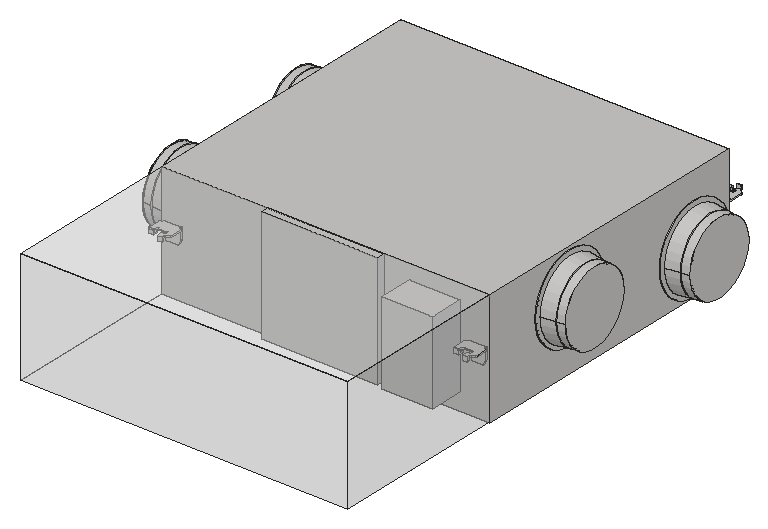
Revit family "outputfile", category 機械設備, Revit 2024
Family settings
  丸型コネクタ寸法 = 半径を使用
  パーツ タイプ = 標準
  OmniClass 番号 = 23.75.10.34.21
  OmniClass タイトル = Heat Exchangers for Ventilation Air
  作業面ベース = いいえ
  常に垂直 = はい
  ロード時にボイドで切り取り = いいえ
  注釈の向きを維持 = いいえ
  共有 = いいえ
  部屋計算ポイント = はい
Parameters (values of type "VAM800HVE")
  Description = ""
  製造元 = "Daikin"
  書き出し IFC クラス(タイプ) = "IfcAirToAirHeatRecoveryType"
  定義済み IFC タイプ(タイプ) = "ROTARYWHEEL"
  Cost = 0
  モデル = "VAM800HVE"
  Type Comments = ""
  Keynote = ""
  Type Image = (empty or 0)
  Assembly Code = ""
  w_maintenacecover = 395.0 mm
  r3_airconnection_top = 123.0 mm
  r2_airconnection_top = 123.0 mm
  r1_airconnection_top = 125.0 mm
  r1_airconnection_bottom = 131.5 mm
  r0_airconnection = 146.0 mm
  lw_powersuply = 186.0 mm
  Voltage_comment_60Hz = "220-240"
  Voltage_comment_50Hz = "220-240"
  Voltage_60Hz = 220 V
  Voltage_50Hz = 220 V
  URL = ""
  Phase_60Hz = 1
  Phase_50Hz = 1
  Minimum External Static Pressure = 138.00 Pa
  Minimum Circuit Amps_60Hz = 4.76 A
  Minimum Circuit Amps_50Hz = 4.76 A
  Maximum Fuse Amps_60Hz = 15.0 A
  Maximum Fuse Amps_50Hz = 15.0 A
  Maximum External Static Pressure = 235.00 Pa
  Material_Casing = DAIKIN_GalvanizedSteel_Casing_indoorunit
  lw_mountinghole_Left = 517.0 mm
  lw_mountinghole = 1034.0 mm
  w_controlbox_right = 101.0 mm
  w_controlbox = 170.0 mm
  r_SAduct = SA Duct Size Diameter / 2  # 125.0 mm
  r_RAduct = RA Duct Size Diameter / 2  # 125.0 mm
  r_OAduct = OA Duct Size Diameter / 2  # 125.0 mm
  r_EAduct = EA Duct Size Diameter / 2  # 125.0 mm
  lh_powersuply = 198.5 mm
  lh_mounting = lh_mountinghole + [h***]  # 227.0 mm
  h_controlbox_top = 49.0 mm
  lh_antena = Height - lh_mountinghole + 1.0 mm  # 161.0 mm
  lh_SA = 235.0 mm
  lh_RA = 153.0 mm
  lh_OA = 235.0 mm
  lh_EA = 235.0 mm
  ld_SA = 333.0 mm
  ld_RA = 152.0 mm
  ld_OA = 152.0 mm
  ld_EA = 333.0 mm
  lh_mountinghole = 227.0 mm
  h_controlbox = 279.0 mm
  h*** = 0.0 mm  # constant formula
  d_total_airconnection = d1_airconnection + d2_airconnection + d3_airconnection  # 89.0 mm
  d_maintenacecover = 26.0 mm
  ld_mountinghole = 1112.0 mm
  d_controlbox = 117.0 mm
  d3_airconnection = 1.0 mm
  d2_airconnection = 30.0 mm
  d1_airconnection = 58.0 mm
  d0_airconnection = 6.5 mm
  Width = 1110.0 mm
  Version = "ver.1.0"
  Unit Type = "Heat Recovery Ventilator"
  Unit Mass Weight = 63.00 kg
  Unit Designation [instance] = ""
  Uniclass2015Version = "Products v1.30"
  Uniclass2015Title = "Thermal wheels"
  Uniclass2015Code = "Pr_60_60_36_88"
  Temperature exchange efficiency (Heating) = 77.50%
  Temperature exchange efficiency (Cooling) = 61.50%
  Supply Air Direction [instance] = yes
  Sound Pressure Level_M speed (dBA) = 39.5
  Sound Pressure Level_L speed (dBA) = 36
  Sound Pressure Level_H speed (dBA) = 41.5
  Series = "VRV Fan Coil Unit"
  SA Duct Size Diameter = 250.0 mm
  Refrigerant Type = ""
  RA Duct Size Diameter = 250.0 mm
  Option Accessory 3 [instance] = ""
  Option Accessory 2 [instance] = ""
  Option Accessory 1 [instance] = ""
  OA Duct Size Diameter = 250.0 mm
  Nominal Airflow = 800.00 m³/h
  Minimum Airflow = 260.00 m³/h
  Median Airflow = 0.00 m³/h
  Maximum Airflow = 1280.00 m³/h
  Load Classification = HVAC
  Link_Nested Family [instance] = ""
  IfcVersion = "0"
  IfcExportType = "ROTARYWHEEL"
  IfcExportAs = "IfcAirToAirHeatRecoveryType"
  Height = 387.0 mm
  Heating Entering Wet Bulb Temperature [instance] = 0.00 °C
  Heating Entering Dry Bulb Temperature [instance] = 0.00 °C
  Heating Ambient Wet Bulb Temperature [instance] = 0.00 °C
  Heating Ambient Dry Bulb Temperature [instance] = 0.00 °C
  Frequency_60Hz = 60 Hz
  Frequency_50Hz = 50 Hz
  Fan Type = "Sirocco Fan"
  Fan Drive = "Direct Drive"
  FCU Tag No. [instance] = ""
  Enthalpy exchange efficiency (Heating) = 72.00%
  Enthalpy exchange efficiency (Cooling) = 63.00%
  EA Duct Size Diameter = 250.0 mm
  Design Supply Airflow [instance] = 0.00 m³/h
  Design Return Airflow [instance] = 0.00 m³/h
  Design Outdoor Airflow [instance] = 0.00 m³/h
  Design External Static Pressure [instance] = 0.00 Pa
  Design Exhaust Airflow [instance] = 0.00 m³/h
  Depth = 1012.0 mm
  既定の高さ = 0.0 mm
  Cooling Entering Wet Bulb Temperature [instance] = 0.00 °C
  Cooling Entering Dry Bulb Temperature [instance] = 0.00 °C
  Cooling Ambient Wet Bulb Temperature [instance] = 0.00 °C
  Cooling Ambient Dry Bulb Temperature [instance] = 0.00 °C
  Clearance visibility [instance] = yes
  Clearance Top = 0.0 mm
  Clearance Right = 0.0 mm
  Clearance Rear = 0.0 mm
  Clearance Left = 0.0 mm
  Clearance Front = 600.0 mm
  Clearance Bottom = 0.0 mm
Reference planes
  plane 1 "Center (Front/Back)": y = 0
  plane 2: z = 0
  plane 3 "Center (Left/Right)": x = 0
  plane 4 "Back": y = 506
  plane 5 "Front": y = -506
  plane 6 "Left": x = -555
  plane 7 "Right": x = 555
  plane 8 "Top": z = 0
  plane 9 "mountinghole_Left": x = -517
  plane 10 "mountinghole_Right": x = 517
  plane 11 "mountinghole_Back": y = 556
  plane 12 "mountinghole_Front": y = -556
  plane 13 "Center (Elevation)": z = -193.5
  plane 14 "h_mountinghole": z = -160
  plane 15 "w_maintenacecover_left": x = -197.5
  plane 16 "w_maintenacecover_right": x = 197.5
  plane 17 "Clearance Front": y = -1106
  plane 18 "Clearance Left": x = -555
  plane 19 "Clearance Right": x = 555
  plane 20 "Clearance Rear": y = 506
  plane 21 "Clearance Top": z = 0
  plane 22 "Clearance Bottom": z = -387
  plane 23 "d_maintenacecover": y = -532
  plane 24 "d_controlbox": y = -623
  plane 25 "w_controlbox_left": x = 284
  plane 26 "w_controlbox_right": x = 454
  plane 27 "Bottom": z = -387
  plane 28 "h_controlbox_top": z = -49
  plane 29 "h_controlbox_bottom": z = -328
  plane 30 "lh_OA": z = -152
  plane 31 "lh_EA": z = -152
  plane 32 "lh_SA": z = -152
  plane 33 "lh_RA": z = -234
  plane 34 "ld_EA": y = 173
  plane 35 "ld_OA": y = -354
  plane 36 "ld_RA": y = 354
  plane 37 "ld_SA": y = -173
  plane 38 "lw_powersuply": x = 369
  plane 39: z = 59.955
  plane 40 "lh_powersuply": z = -188.5
Forms (mm)
  Extrusion 1, solid, material "DAIKIN_GalvanizedSteel_Casing_indoorunit" <- "Material_Casing"
    sketch origin (0, 0, 200) x (1, 0, 0) y (0, 1, 0)
      loop
        line (-555, 506) -> (-555, -506) -> (555, -506) -> (555, 506) -> (-555, 506)
    from -587 to -200
  Extrusion 2, solid, material "DAIKIN_GalvanizedSteel_Casing_indoorunit" <- "Material_Casing"
    sketch origin (0, 0, 0) x (1, 0, 0) y (0, 1, 0)
      loop
        line (-197.5, -506) -> (-197.5, -532) -> (197.5, -532) -> (197.5, -506) -> (-197.5, -506)
    from -387 to 0
  Extrusion 3, solid, material "DAIKIN_GalvanizedSteel_Casing_indoorunit" <- "Material_Casing"
    sketch origin (0, 0, 0) x (1, 0, 0) y (0, 1, 0)
      loop
        line (284, -506) -> (284, -623) -> (454, -623) -> (454, -506) -> (284, -506)
    from -328 to -49
Dimensions and locks
  equal spacing: plane 6 "Left", plane 3 "Center (Left/Right)", plane 7 "Right"
  "Width": plane 6 "Left" to plane 7 "Right"
  equal spacing: plane 4 "Back", plane 1 "Center (Front/Back)", plane 5 "Front"
  "Depth": plane 4 "Back" to plane 5 "Front"
  "lw_mountinghole": plane 9 "mountinghole_Left" to plane 10 "mountinghole_Right"
  equal spacing: plane 11 "mountinghole_Back", plane 1 "Center (Front/Back)", plane 12 "mountinghole_Front"
  "ld_mountinghole": plane 11 "mountinghole_Back" to plane 12 "mountinghole_Front"
  "Clearance Front": plane 5 "Front" to plane 17 "Clearance Front"
  "Clearance Left": plane 18 "Clearance Left" to plane 6 "Left"
  "Clearance Right": plane 7 "Right" to plane 19 "Clearance Right"
  "Clearance Rear": plane 4 "Back" to plane 20 "Clearance Rear"
  "w_controlbox_right": plane 26 "w_controlbox_right" to plane 7 "Right"
  "w_controlbox": plane 25 "w_controlbox_left" to plane 26 "w_controlbox_right"
  equal spacing: plane 15 "w_maintenacecover_left", plane 3 "Center (Left/Right)", plane 16 "w_maintenacecover_right"
  "w_maintenacecover": plane 15 "w_maintenacecover_left" to plane 16 "w_maintenacecover_right"
  "lh_mountinghole": plane 14 "h_mountinghole" to plane 27 "Bottom"
  "Height": plane 8 "Top" to plane 27 "Bottom"
  equal spacing: plane 8 "Top", plane 13 "Center (Elevation)", plane 27 "Bottom"
  "Clearance Top": plane 21 "Clearance Top" to plane 8 "Top"
  "Clearance Bottom": plane 27 "Bottom" to plane 22 "Clearance Bottom"
  "h_controlbox": plane 28 "h_controlbox_top" to plane 29 "h_controlbox_bottom"
  "d_controlbox": plane 5 "Front" to plane 24 "d_controlbox"
  "d_maintenacecover": plane 5 "Front" to plane 23 "d_maintenacecover"
  "lh_SA": plane 32 "lh_SA" to plane 27 "Bottom"
  "lh_RA": plane 33 "lh_RA" to plane 27 "Bottom"
  "ld_OA": plane 35 "ld_OA" to plane 5 "Front"
  "ld_EA": plane 4 "Back" to plane 34 "ld_EA"
  "ld_RA": plane 4 "Back" to plane 36 "ld_RA"
  "ld_SA": plane 37 "ld_SA" to plane 5 "Front"
  "lh_EA": plane 31 "lh_EA" to plane 27 "Bottom"
  "lh_OA": plane 30 "lh_OA" to plane 27 "Bottom"
  "h_controlbox_top": plane 8 "Top" to plane 28 "h_controlbox_top"
  "lw_mountinghole_Left": plane 9 "mountinghole_Left" to plane 3 "Center (Left/Right)"
  plane 3 "Center (Left/Right)" to plane 10 "mountinghole_Right" = 517.0 mm
  "lw_powersuply": plane 38 "lw_powersuply" to plane 7 "Right"
  "lh_powersuply": plane 40 "lh_powersuply" to plane 27 "Bottom"
  aligned and locked: level to plane 2
  aligned and locked: Extrusion 1 sketch curve to plane 4 "Back"
  aligned and locked: plane 6 "Left" to Extrusion 1 sketch curve
  aligned and locked: plane 5 "Front" to Extrusion 1 sketch curve
  aligned and locked: Extrusion 1 sketch curve to plane 7 "Right"
  aligned and locked: plane 8 "Top" to Extrusion 1
  aligned and locked: nested 1 to plane 10 "mountinghole_Right"
  aligned and locked: nested 1 to plane 5 "Front"
  aligned and locked: nested 2 to plane 9 "mountinghole_Left"
  aligned and locked: nested 2 to plane 5 "Front"
  aligned and locked: plane 4 "Back" to nested 3
  aligned and locked: plane 10 "mountinghole_Right" to nested 3
  aligned and locked: nested 4 to plane 9 "mountinghole_Left"
  aligned and locked: plane 4 "Back" to nested 4
  aligned and locked: nested 6 to plane 10 "mountinghole_Right"
  aligned and locked: nested 6 to plane 11 "mountinghole_Back"
  aligned and locked: plane 9 "mountinghole_Left" to nested 7
  aligned and locked: nested 7 to plane 11 "mountinghole_Back"
  aligned and locked: nested 8 to plane 9 "mountinghole_Left"
  aligned and locked: plane 12 "mountinghole_Front" to nested 8
  aligned and locked: plane 12 "mountinghole_Front" to nested 9
  aligned and locked: nested 9 to plane 10 "mountinghole_Right"
  aligned and locked: plane 14 "h_mountinghole" to nested 3
  aligned and locked: plane 14 "h_mountinghole" to nested 1
  aligned and locked: plane 14 "h_mountinghole" to nested 4
  aligned and locked: plane 14 "h_mountinghole" to nested 2
  aligned and locked: nested 5 to plane 17 "Clearance Front"
  aligned and locked: nested 5 to plane 18 "Clearance Left"
  aligned and locked: nested 5 to plane 19 "Clearance Right"
  aligned and locked: nested 5 to plane 20 "Clearance Rear"
  aligned and locked: nested 5 to plane 22 "Clearance Bottom"
  aligned and locked: nested 5 to plane 21 "Clearance Top"
  aligned and locked: plane 27 "Bottom" to Extrusion 1
  aligned and locked: plane 23 "d_maintenacecover" to Extrusion 2 sketch curve
  aligned and locked: plane 16 "w_maintenacecover_right" to Extrusion 2 sketch curve
  aligned and locked: plane 15 "w_maintenacecover_left" to Extrusion 2 sketch curve
  aligned and locked: Extrusion 2 sketch curve to plane 5 "Front"
  aligned and locked: plane 8 "Top" to Extrusion 2
  aligned and locked: Extrusion 2 to plane 27 "Bottom"
  aligned and locked: plane 24 "d_controlbox" to Extrusion 3 sketch curve
  aligned and locked: plane 25 "w_controlbox_left" to Extrusion 3 sketch curve
  aligned and locked: Extrusion 3 sketch curve to plane 5 "Front"
  aligned and locked: Extrusion 3 sketch curve to plane 26 "w_controlbox_right"
  aligned and locked: plane 28 "h_controlbox_top" to Extrusion 3
  aligned and locked: plane 29 "h_controlbox_bottom" to Extrusion 3
  aligned and locked: nested 10 to plane 34 "ld_EA"
  aligned and locked: nested 10 to plane 6 "Left"
  aligned and locked: nested 11 to plane 35 "ld_OA"
  aligned and locked: nested 11 to plane 6 "Left"
  aligned and locked: plane 36 "ld_RA" to nested 12
  aligned and locked: plane 7 "Right" to nested 12
  aligned and locked: plane 37 "ld_SA" to nested 13
  aligned and locked: plane 7 "Right" to nested 13
  aligned and locked: plane 32 "lh_SA" to nested 13
  aligned and locked: plane 33 "lh_RA" to nested 12
  aligned and locked: plane 30 "lh_OA" to nested 11
  aligned and locked: plane 31 "lh_EA" to nested 10
  aligned and locked: plane 37 "ld_SA" to nested 15
  aligned and locked: plane 7 "Right" to nested 15
  aligned and locked: plane 36 "ld_RA" to nested 16
  aligned and locked: plane 7 "Right" to nested 16
  aligned and locked: nested 18 to plane 34 "ld_EA"
  aligned and locked: nested 17 to plane 35 "ld_OA"
  aligned and locked: nested 18 to plane 6 "Left"
  aligned and locked: nested 17 to plane 6 "Left"
  aligned and locked: plane 31 "lh_EA" to nested 17
  aligned and locked: nested 18 to plane 31 "lh_EA"
  aligned and locked: nested 16 to plane 33 "lh_RA"
  aligned and locked: nested 15 to plane 32 "lh_SA"
  aligned and locked: plane 37 "ld_SA" to nested 14
  aligned and locked: nested 19 to plane 38 "lw_powersuply"
  aligned and locked: nested 19 to plane 5 "Front"
  aligned and locked: plane 40 "lh_powersuply" to nested 19
  aligned and locked: level to plane 8 "Top"
Nested families
  nested 1: "daikin_hangerfixture_VAM-HVE_150-1000" at (517, -506, -160), type "daikin_hangerfixture_VAM-HVE_150-1000"
  nested 2: "daikin_hangerfixture_VAM-HVE_150-1000" at (-517, -506, -160), type "daikin_hangerfixture_VAM-HVE_150-1000"
  nested 3: "daikin_hangerfixture_VAM-HVE_150-1000" at (517, 506, -160) x (-1, 0, 0) z (0, 0, 1), type "daikin_hangerfixture_VAM-HVE_150-1000"
  nested 4: "daikin_hangerfixture_VAM-HVE_150-1000" at (-517, 506, -160) x (-1, 0, 0) z (0, 0, 1), type "daikin_hangerfixture_VAM-HVE_150-1000"
  nested 5: "daikin_clearancespace" at (0, -300, -193.381), visible <- "Clearance visibility", show <- "Clearance visibility", Link_Nested Family <- "Link_Nested Family", type "daikin_clearancespace"
    with width 1110.0 mm, show yes, height 387.0 mm, depth 1612.0 mm, Link_Nested Family ""
  nested 6: "daikin_mountinghole" at (517, 556, -387), l_antenna <- "lh_antena", Link_Nested Family <- "Link_Nested Family", h_mountinghole <- "lh_mounting", type "daikin_mountinghole"
    with show yes, l_antenna 161.0 mm, h_mountinghole 227.0 mm, Link_Nested Family ""
  nested 7: "daikin_mountinghole" at (-517, 556, -387), l_antenna <- "lh_antena", Link_Nested Family <- "Link_Nested Family", h_mountinghole <- "lh_mounting", type "daikin_mountinghole"
    with show yes, l_antenna 161.0 mm, h_mountinghole 227.0 mm, Link_Nested Family ""
  nested 8: "daikin_mountinghole" at (-517, -556, -387), l_antenna <- "lh_antena", Link_Nested Family <- "Link_Nested Family", h_mountinghole <- "lh_mounting", type "daikin_mountinghole"
    with show yes, l_antenna 161.0 mm, h_mountinghole 227.0 mm, Link_Nested Family ""
  nested 9: "daikin_mountinghole" at (517, -556, -387), l_antenna <- "lh_antena", Link_Nested Family <- "Link_Nested Family", h_mountinghole <- "lh_mounting", type "daikin_mountinghole"
    with show yes, l_antenna 161.0 mm, h_mountinghole 227.0 mm, Link_Nested Family ""
  nested 10: "daikin_airconnection_VAM-HVE_150-1000" at (-555, 173, -152) x (0, -1, 0) z (0, 0, 1), d0 <- "d0_airconnection", d1 <- "d1_airconnection", d2 <- "d2_airconnection", d3 <- "d3_airconnection", r0 <- "r0_airconnection", r1_bottom <- "r1_airconnection_bottom", r1_top <- "r1_airconnection_top", r2_top <- "r2_airconnection_top", r3_top <- "r3_airconnection_top", type "daikin_airconnection_VAM-HVE_150-1000"
    with r3_top 123.0 mm, r3_bottom 123.0 mm, r2_top 123.0 mm, r2_bottom 125.0 mm, r1_top 125.0 mm, r1_bottom 131.5 mm, r0 146.0 mm, d_total 89.0 mm, d3 1.0 mm, d2 30.0 mm, d1 58.0 mm, d0 6.5 mm
  nested 11: "daikin_airconnection_VAM-HVE_150-1000" at (-555, -354, -152) x (0, -1, 0) z (0, 0, 1), d0 <- "d0_airconnection", d1 <- "d1_airconnection", d2 <- "d2_airconnection", d3 <- "d3_airconnection", r0 <- "r0_airconnection", r1_bottom <- "r1_airconnection_bottom", r1_top <- "r1_airconnection_top", r2_top <- "r2_airconnection_top", r3_top <- "r3_airconnection_top", type "daikin_airconnection_VAM-HVE_150-1000"
    with r3_top 123.0 mm, r3_bottom 123.0 mm, r2_top 123.0 mm, r2_bottom 125.0 mm, r1_top 125.0 mm, r1_bottom 131.5 mm, r0 146.0 mm, d_total 89.0 mm, d3 1.0 mm, d2 30.0 mm, d1 58.0 mm, d0 6.5 mm
  nested 12: "daikin_airconnection_VAM-HVE_150-1000" at (555, 354, -234) x (0, 1, 0) z (0, 0, 1), d0 <- "d0_airconnection", d1 <- "d1_airconnection", d2 <- "d2_airconnection", d3 <- "d3_airconnection", r0 <- "r0_airconnection", r1_bottom <- "r1_airconnection_bottom", r1_top <- "r1_airconnection_top", r2_top <- "r2_airconnection_top", r3_top <- "r3_airconnection_top", type "daikin_airconnection_VAM-HVE_150-1000"
    with r3_top 123.0 mm, r3_bottom 123.0 mm, r2_top 123.0 mm, r2_bottom 125.0 mm, r1_top 125.0 mm, r1_bottom 131.5 mm, r0 146.0 mm, d_total 89.0 mm, d3 1.0 mm, d2 30.0 mm, d1 58.0 mm, d0 6.5 mm
  nested 13: "daikin_airconnection_VAM-HVE_150-1000" at (555, -173, -152) x (0, 1, 0) z (0, 0, 1), d0 <- "d0_airconnection", d1 <- "d1_airconnection", d2 <- "d2_airconnection", d3 <- "d3_airconnection", r0 <- "r0_airconnection", r1_bottom <- "r1_airconnection_bottom", r1_top <- "r1_airconnection_top", r2_top <- "r2_airconnection_top", r3_top <- "r3_airconnection_top", type "daikin_airconnection_VAM-HVE_150-1000"
    with r3_top 123.0 mm, r3_bottom 123.0 mm, r2_top 123.0 mm, r2_bottom 125.0 mm, r1_top 125.0 mm, r1_bottom 131.5 mm, r0 146.0 mm, d_total 89.0 mm, d3 1.0 mm, d2 30.0 mm, d1 58.0 mm, d0 6.5 mm
  nested 14: "daikin_△_symbolicline" at (0, -173, 387) x (0, 1, 0) z (0, 0, 1), built-in parameter 1001360 <- "Height", visible <- "Supply Air Direction", type "daikin_△_symbolicline"
    with length 300.0 mm
  nested 15: "daikin_connector_rotate2" at (555, -173, -152) x (0, 1, 0) z (0, 0, 1), length <- "d_total_airconnection", radius <- "r_SAduct", type "daikin_connector_rotate2"
    with radius 125.0 mm, length 89.0 mm, angle_vertical 90.00°, show_face no
  nested 16: "daikin_connector_rotate2" at (555, 354, -234) x (0, 1, 0) z (0, 0, 1), length <- "d_total_airconnection", radius <- "r_RAduct", type "daikin_connector_rotate2"
    with radius 125.0 mm, length 89.0 mm, angle_vertical 90.00°, show_face no
  nested 17: "daikin_connector_rotate2" at (-555, -354, -152) x (0, -1, 0) z (0, 0, 1), length <- "d_total_airconnection", radius <- "r_OAduct", type "daikin_connector_rotate2"
    with radius 125.0 mm, length 89.0 mm, angle_vertical 90.00°, show_face no
  nested 18: "daikin_connector_rotate2" at (-555, 173, -152) x (0, -1, 0) z (0, 0, 1), length <- "d_total_airconnection", radius <- "r_EAduct", type "daikin_connector_rotate2"
    with radius 125.0 mm, length 89.0 mm, angle_vertical 90.00°, show_face no
  nested 19: "daikin_connector_rotate2" at (369, -506, -188.5), length <- "d_controlbox", type "daikin_connector_rotate2"
    with radius 10.0 mm, length 117.0 mm, angle_vertical 90.00°, show_face no
Connectors
  hvac at (-644, 173, -152), driven by "r_EAduct"
    settings: on nested 18, index 1, duct flow 0.00 m³/h, flow factor 0, pres drop 0.00 Pa, loss coef 0, conn angle 0.00°, conn width 304.8 mm, conn height 304.8 mm, conn diameter 250.0 mm, duct sys type 3, conn prof type 0, flow config 0, flow direction 2, loss method 4, conn ref index -1, conn util no, is conn primary no, conn desc "EA Duct"
  hvac at (-644, -354, -152), driven by "r_OAduct"
    settings: on nested 17, index 2, duct flow 0.00 m³/h, flow factor 0, pres drop 0.00 Pa, loss coef 0, conn angle 0.00°, conn width 304.8 mm, conn height 304.8 mm, conn diameter 250.0 mm, duct sys type 1, conn prof type 0, flow config 0, flow direction 1, loss method 4, conn ref index -1, conn util no, is conn primary no, conn desc "OA Duct"
  hvac at (644, 354, -234), driven by "r_RAduct"
    settings: on nested 16, index 3, duct flow 0.00 m³/h, flow factor 0, pres drop 0.00 Pa, loss coef 0, conn angle 0.00°, conn width 304.8 mm, conn height 304.8 mm, conn diameter 250.0 mm, duct sys type 2, conn prof type 0, flow config 0, flow direction 1, loss method 4, conn ref index -1, conn util no, is conn primary no, conn desc "RA Duct"
  hvac at (644, -173, -152), driven by "r_SAduct"
    settings: on nested 15, index 4, duct flow 0.00 m³/h, flow factor 0, pres drop 0.00 Pa, loss coef 0, conn angle 0.00°, conn width 304.8 mm, conn height 304.8 mm, conn diameter 250.0 mm, duct sys type 1, conn prof type 0, flow config 0, flow direction 2, loss method 4, conn ref index -1, conn util no, is conn primary yes, conn desc "SA Duct"
  electrical at (369, -623, -188.5), driven by "Load Classification"
    settings: on nested 19, index 6, voltage 0 V, apparent load 0 VA, apparent load phase1 0 VA, apparent load phase2 0 VA, apparent load phase3 0 VA, power factor 1, load classification "HVAC", number of poles 1, system type 30, power factor state 1, is connector primary yes, connector utility no, sub classification motor no, connector description "Power Supply"
Definition of nested family "daikin_hangerfixture_VAM-HVE_150-1000"
  Parameters (values of type "daikin_hangerfixture_VAM")
    width = 76.0 mm
    material = none
    height = 0.0 mm
    depth = 75.0 mm
    Default Elevation = 0.0 mm
  Reference planes
    plane 1 "Center (Front/Back)": y = 0
    plane 2: z = 0
    plane 3 "Center (Left/Right)": x = 0
    plane 4: y = -75
    plane 5: x = -38
    plane 6: x = 38
    plane 7: z = -3.2
    plane 8: z = -57
    plane 9: x = -28
    plane 10: x = 28
    plane 11: y = -3.2
    plane 12: z = 11.8
    plane 13: z = -15
    plane 14: y = -71.8
    plane 15: y = -50
  Forms (mm)
    Extrusion 1, solid, material <- "material"
      sketch origin (0, 0, 0) x (1, 0, 0) y (0, 1, 0)
        loop
          line (-28, 0) -> (-28, -5)
          arc (-28, -5) -> (-29.464, -8.536) -> (-33, -10) r 5
          arc (-33, -10) -> (-36.536, -11.464) -> (-38, -15) r 5
          line (-38, -15) -> (-38, -52.597)
          arc (-38, -52.597) -> (-37.507, -54.763) -> (-36.123, -56.501) r 5
          line (-36.123, -56.501) -> (-24.877, -65.499)
          arc (-24.877, -65.499) -> (-23.493, -67.237) -> (-23, -69.403) r 5
          line (-23, -69.403) -> (-23, -75) -> (-7, -75) -> (-7, -60)
          arc (-7, -60) -> (-7.879, -57.879) -> (-10, -57) r 3
          line (-10, -57) -> (-13, -57)
          arc (-13, -57) -> (-20, -50) -> (-13, -43) r 7
          line (-13, -43) -> (13, -43)
          arc (13, -43) -> (20, -50) -> (13, -57) r 7
          line (13, -57) -> (10, -57)
          arc (10, -57) -> (7.879, -57.879) -> (7, -60) r 3
          line (7, -60) -> (7, -75) -> (23, -75) -> (23, -69.403)
          arc (23, -69.403) -> (23.493, -67.237) -> (24.877, -65.499) r 5
          line (24.877, -65.499) -> (36.123, -56.501)
          arc (36.123, -56.501) -> (37.507, -54.763) -> (38, -52.597) r 5
          line (38, -52.597) -> (38, -15)
          arc (38, -15) -> (36.536, -11.464) -> (33, -10) r 5
          arc (33, -10) -> (29.464, -8.536) -> (28, -5) r 5
          line (28, -5) -> (28, 0) -> (-28, 0)
      from 0 to -3.2
    Extrusion 2, solid, material <- "material"
      sketch origin (0, 0, 0) x (1, 0, 0) y (0, 0, 1)
        loop
          line (28, 0) -> (-28, 0) -> (-28, -38.882)
          arc (-28, -38.882) -> (-27.88, -39.973) -> (-27.524, -41.011) r 5
          line (-27.524, -41.011) -> (-21.351, -54.129)
          arc (-21.351, -54.129) -> (-19.506, -56.222) -> (-16.827, -57) r 5
          line (-16.827, -57) -> (16.827, -57)
          arc (16.827, -57) -> (19.506, -56.222) -> (21.351, -54.129) r 5
          line (21.351, -54.129) -> (27.524, -41.011)
          arc (27.524, -41.011) -> (27.88, -39.973) -> (28, -38.882) r 5
          line (28, -38.882) -> (28, 0)
      from 0 to 3.2
    Extrusion 3, solid, material <- "material"
      sketch origin (0, 0, 0) x (1, 0, 0) y (0, 0, 1)
        loop
          line (-23, -3.2) -> (-7, -3.2) -> (-7, 8.8)
          arc (-7, 8.8) -> (-7.879, 10.921) -> (-10, 11.8) r 3
          line (-10, 11.8) -> (-20, 11.8)
          arc (-20, 11.8) -> (-22.121, 10.921) -> (-23, 8.8) r 3
          line (-23, 8.8) -> (-23, -3.2)
        loop
          line (7, 0) -> (7, -12)
          arc (7, -12) -> (7.879, -14.121) -> (10, -15) r 3
          line (10, -15) -> (20, -15)
          arc (20, -15) -> (22.121, -14.121) -> (23, -12) r 3
          line (23, -12) -> (23, 0) -> (7, 0)
      from 71.8 to 75
  Cuts and joins
    joined: Extrusion 1, Extrusion 2, Extrusion 3
  Dimensions and locks
    "depth": plane 4 to plane 1 "Center (Front/Back)"
    equal spacing: plane 5, plane 3 "Center (Left/Right)", plane 6
    "width": plane 5 to plane 6
    plane 2 to plane 7 = 3.2 mm
    locked: plane 2 to plane 8 at 57
    locked: plane 9 to plane 10 at 56
    equal spacing: plane 9, plane 3 "Center (Left/Right)", plane 10
    locked: plane 11 to plane 1 "Center (Front/Back)" at 3.2
    locked: plane 12 to plane 7 at 15
    locked: plane 2 to plane 13 at 15
    plane 14 to plane 4 = 3.2 mm
    aligned and locked: level to plane 2
    aligned and locked: plane 1 "Center (Front/Back)" to Extrusion 1 sketch curve
    aligned and locked: plane 4 to Extrusion 1 sketch curve  (x2)
    aligned and locked: Extrusion 1 to plane 5
    aligned and locked: plane 6 to Extrusion 1
    aligned and locked: Extrusion 1 to plane 7
    aligned and locked: Extrusion 2 sketch curve to plane 2
    aligned and locked: Extrusion 2 to plane 8
    aligned and locked: plane 9 to Extrusion 2
    aligned and locked: Extrusion 2 to plane 10
    aligned and locked: Extrusion 2 to plane 1 "Center (Front/Back)"
    aligned and locked: Extrusion 2 to plane 11
    aligned and locked: Extrusion 3 sketch curve to plane 7
    aligned and locked: Extrusion 3 sketch curve to plane 2
    aligned and locked: Extrusion 3 to plane 12
    aligned and locked: Extrusion 3 to plane 13
    aligned and locked: Extrusion 3 to plane 4
    aligned and locked: plane 14 to Extrusion 3
  Automatic sketch dimensions
    plane 3 "Center (Left/Right)" to Extrusion 1 sketch curve = 28.0 mm
    plane 1 "Center (Front/Back)" to Extrusion 1 sketch curve = 5.0 mm
    Extrusion 1 sketch curve to Extrusion 1 sketch curve = 5.0 mm  (x8)
    plane 4 to Extrusion 1 sketch curve = 22.403 mm
    Extrusion 1 sketch curve to Extrusion 1 sketch curve = 1.877 mm  (x2)
    plane 4 to Extrusion 1 sketch curve = 9.501 mm
    Extrusion 1 sketch curve to Extrusion 1 sketch curve = 11.247 mm  (x2)
    Extrusion 1 sketch curve to Extrusion 1 sketch curve = 3.123 mm  (x2)
    Extrusion 1 sketch curve to Extrusion 1 sketch curve = 3.904 mm  (x2)
    plane 3 "Center (Left/Right)" to Extrusion 1 sketch curve = 7.0 mm
    plane 4 to Extrusion 1 sketch curve = 15.0 mm
    Extrusion 1 sketch curve to Extrusion 1 sketch curve = 3.0 mm  (x4)
    Extrusion 1 sketch curve to Extrusion 1 sketch curve = 7.0 mm  (x2)
    Extrusion 1 sketch curve to plane 3 "Center (Left/Right)" = 13.0 mm
    Extrusion 1 sketch curve to Extrusion 1 sketch curve = 16.0 mm
    plane 4 to Extrusion 1 sketch curve = 5.597 mm
    Extrusion 1 sketch curve to Extrusion 1 sketch curve = 8.998 mm
    plane 1 "Center (Front/Back)" to Extrusion 1 sketch curve = 15.0 mm
    plane 5 to Extrusion 2 sketch curve = 10.0 mm
    Extrusion 2 sketch curve to Extrusion 2 sketch curve = 0.476 mm  (x2)
    Extrusion 2 sketch curve to Extrusion 2 sketch curve = 4.524 mm  (x4)
    Extrusion 2 sketch curve to Extrusion 2 sketch curve = 6.173 mm  (x2)
    plane 3 "Center (Left/Right)" to Extrusion 2 sketch curve = 16.827 mm
    Extrusion 2 sketch curve to plane 7 = 35.682 mm  (x2)
    Extrusion 2 sketch curve to Extrusion 2 sketch curve = 13.118 mm  (x2)
    Extrusion 2 sketch curve to Extrusion 2 sketch curve = 2.129 mm
    Extrusion 3 sketch curve to plane 9 = 5.0 mm
    Extrusion 3 sketch curve to Extrusion 3 sketch curve = 3.0 mm  (x4)
    Extrusion 3 sketch curve to Extrusion 3 sketch curve = 10.0 mm
    plane 3 "Center (Left/Right)" to Extrusion 3 sketch curve = 7.0 mm
    plane 10 to Extrusion 3 sketch curve = 8.0 mm
    Extrusion 3 sketch curve to plane 7 = 8.8 mm
    level to Extrusion 3 sketch curve = 8.8 mm
Definition of nested family "daikin_clearancespace"
  Parameters (values of type "daikin_clearancespace")
    width [instance] = 1823.963 mm
    show [instance] = yes
    material = none
    height [instance] = 1359.762 mm
    depth [instance] = 880.0 mm
    Default Elevation = 0.0 mm
    Link_Nested Family [instance] = ""
  Reference planes
    plane 1 "Center (Front/Back)": y = 0
    plane 2 "Center (Elevation)": z = -0.119
    plane 3 "Center (Left/Right)": x = 0
    plane 4: y = 440
    plane 5: y = -440
    plane 6 "Right": x = 911.982
    plane 7 "Left": x = -911.982
    plane 8 "Top": z = 679.762
    plane 9 "Bottom": z = -680
  Forms (mm)
    Extrusion 1, solid, material <- "material", visible <- "show"
      sketch origin (0, 0, 0) x (1, 0, 0) y (0, 1, 0)
        loop
          line (-911.982, 440) -> (-911.982, -440) -> (911.982, -440) -> (911.982, 440) -> (-911.982, 440)
      from -680 to 679.762
  Lines and regions (mm)
    symbolic lines, visible <- "show"
      curve 1: line (911.982, 440, 0) -> (-911.982, 440, 0)
      curve 2: line (-911.982, 440, 0) -> (-911.982, -440, 0)
      curve 3: line (-911.982, -440, 0) -> (911.982, -440, 0)
      curve 4: line (911.982, -440, 0) -> (911.982, 440, 0)
      curve 5: line (911.982, 0, 679.762) -> (-911.982, 0, 679.762)
      curve 6: line (911.982, 0, -680) -> (911.982, 0, 679.762)
      curve 7: line (-911.982, 0, -680) -> (911.982, 0, -680)
      curve 8: line (-911.982, 0, 679.762) -> (-911.982, 0, -680)
      curve 9: line (0, 440, 679.762) -> (0, -440, 679.762)
      curve 10: line (0, -440, 679.762) -> (0, -440, -680)
      curve 11: line (0, 440, -680) -> (0, 440, 679.762)
      curve 12: line (0, -440, -680) -> (0, 440, -680)
  Dimensions and locks
    "width": plane 7 "Left" to plane 6 "Right"
    "depth": plane 4 to plane 5
    "height": plane 8 "Top" to plane 9 "Bottom"
    equal spacing: plane 7 "Left", plane 3 "Center (Left/Right)", plane 6 "Right"
    equal spacing: plane 4, plane 1 "Center (Front/Back)", plane 5
    equal spacing: plane 8 "Top", plane 2 "Center (Elevation)", plane 9 "Bottom"
    aligned and locked: level to plane 2 "Center (Elevation)"
    aligned and locked: Extrusion 1 sketch curve to plane 4
    aligned and locked: plane 7 "Left" to Extrusion 1 sketch curve
    aligned and locked: Extrusion 1 sketch curve to plane 5
    aligned and locked: Extrusion 1 sketch curve to plane 6 "Right"
    aligned and locked: plane 8 "Top" to Extrusion 1
    aligned and locked: curve 1 to Extrusion 1
    aligned and locked: curve 2 to Extrusion 1
    aligned and locked: curve 3 to Extrusion 1
    aligned and locked: curve 4 to Extrusion 1
    aligned and locked: curve 5 to Extrusion 1
    aligned and locked: curve 6 to Extrusion 1
    aligned and locked: curve 7 to Extrusion 1
    aligned and locked: curve 8 to Extrusion 1
    aligned and locked: curve 9 to Extrusion 1
    aligned and locked: curve 10 to Extrusion 1
    aligned and locked: curve 11 to Extrusion 1
    aligned and locked: curve 12 to Extrusion 1
    aligned and locked: Extrusion 1 to plane 9 "Bottom"
Definition of nested family "daikin_airconnection_VAM-HVE_150-1000"
  Parameters (values of type "daikin_airconnection_VAM")
    width = 0.0 mm
    r3_top [instance] = 48.5 mm
    r3_bottom [instance] = r2_top  # 53.1 mm
    r2_top [instance] = 53.1 mm
    r2_bottom [instance] = r1_top  # 100.0 mm
    r1_top [instance] = 100.0 mm
    r1_bottom [instance] = 107.1 mm
    r0 [instance] = 121.0 mm
    material = none
    height = 0.0 mm
    depth = 0.0 mm
    d_total [instance] = d3 + d2 + d1  # 145.0 mm
    d3 [instance] = 38.5 mm
    d2 [instance] = 46.5 mm
    d1 [instance] = 60.0 mm
    d0 [instance] = 1.8 mm
    Default Elevation = 0.0 mm
  Reference planes
    plane 1 "Center (Front/Back)": y = 0
    plane 2 "Center (Elevation)": z = 0
    plane 3 "Center (Left/Right)": x = 0
    plane 4 "d1": y = -60
    plane 5 "d2": y = -106.5
    plane 6 "d3": y = -145
    plane 7 "d0": y = -1.8
  Forms (mm)
    Blend 1, solid, material <- "material"
      base sketch origin (0, 0, 0) x (1, 0, 0) y (0, 0, 1)
        loop
          circle (0, 0) r 107.1
      top sketch origin (0, 0, 0) x (1, 0, 0) y (0, 0, 1)
        loop
          circle (0, 0) r 100
      from 1.8 to 60
    Blend 2, solid, material <- "material"
      base sketch origin (0, 0, 0) x (1, 0, 0) y (0, 0, 1)
        loop
          circle (0, 0) r 100
      top sketch origin (0, 0, 0) x (1, 0, 0) y (0, 0, 1)
        loop
          circle (0, 0) r 53.1
      from 60 to 106.5
    Blend 3, solid, material <- "material"
      base sketch origin (0, 0, 0) x (1, 0, 0) y (0, 0, 1)
        loop
          circle (0, 0) r 53.1
      top sketch origin (0, 0, 0) x (1, 0, 0) y (0, 0, 1)
        loop
          circle (0, 0) r 48.5
      from 106.5 to 145
    Extrusion 4, solid, material <- "material"
      sketch origin (0, 0, 0) x (1, 0, 0) y (0, 0, 1)
        loop
          circle (0, 0) r 121
      from 0 to 1.8
  Dimensions and locks
    "d1": plane 4 "d1" to plane 1 "Center (Front/Back)"
    "d2": plane 4 "d1" to plane 5 "d2"
    "d3": plane 5 "d2" to plane 6 "d3"
    "d0": plane 7 "d0" to plane 1 "Center (Front/Back)"
    "r1_bottom": radius of Blend 1 sketch curve
    "r1_top": radius of Blend 1 sketch curve
    "r2_bottom": radius of Blend 2 sketch curve
    "r2_top": radius of Blend 2 sketch curve
    "r3_bottom": radius of Blend 3 sketch curve
    "r3_top": radius of Blend 3 sketch curve
    "r0": radius of Extrusion 4 sketch curve
    aligned and locked: level to plane 2 "Center (Elevation)"
    aligned and locked: plane 2 "Center (Elevation)" to Blend 1 sketch curve  (x2)
    aligned and locked: plane 3 "Center (Left/Right)" to Blend 1 sketch curve  (x2)
    aligned and locked: Blend 1 to plane 4 "d1"
    aligned and locked: plane 2 "Center (Elevation)" to Blend 2 sketch curve  (x2)
    aligned and locked: plane 3 "Center (Left/Right)" to Blend 2 sketch curve  (x2)
    aligned and locked: plane 4 "d1" to Blend 2
    aligned and locked: Blend 2 to plane 5 "d2"
    aligned and locked: plane 3 "Center (Left/Right)" to Blend 3 sketch curve  (x2)
    aligned and locked: plane 2 "Center (Elevation)" to Blend 3 sketch curve  (x2)
    aligned and locked: plane 5 "d2" to Blend 3
    aligned and locked: Blend 3 to plane 6 "d3"
    aligned and locked: Extrusion 4 to plane 7 "d0"
    aligned and locked: plane 7 "d0" to Blend 1
  Automatic sketch dimensions
    Extrusion 4 sketch curve to level = 0.0 mm
    Extrusion 4 sketch curve to plane 3 "Center (Left/Right)" = 0.0 mm
Definition of nested family "daikin_mountinghole"
  Parameters (values of type "daikin_mountinghole")
    Default Elevation = 1219.2 mm
    Type Comments = "mountinghole"
    show [instance] = yes
    material = none
    l_centerline = 100.0 mm
    l_antenna [instance] = 100.0 mm
    h_mountinghole [instance] = 0.0 mm
    d_circle = 30.0 mm
    Link_Nested Family [instance] = ""
  Reference planes
    plane 1 "Center (Front/Back)": y = 0
    plane 2: z = 0
    plane 3 "Center (Left/Right)": x = 0
    plane 4: y = 50
    plane 5: x = -50
    plane 6: x = 50
    plane 7: y = -50
    plane 8 "h_mountinghole": z = 0
    plane 9: z = 100
  Lines and regions (mm)
    model lines, detail levels fine
      curve 1: circle (0, 0, 0) r 15 normal (0, 0, 1)
      curve 2: line (-50, 0, 0) -> (50, 0, 0)
      curve 3: line (0, 50, 0) -> (0, -50, 0)
    symbolic lines, detail levels fine
      curve 4: circle (0, 0, 0) r 15 normal (0, 0, 1)
      curve 5: line (-50, 0, 0) -> (50, 0, 0)
      curve 6: line (0, 50, 0) -> (0, -50, 0)
    model lines
      curve 7: line (0, 0, 100) -> (0, 0, 0)
  Dimensions and locks
    equal spacing: plane 4, plane 1 "Center (Front/Back)", plane 7
    "l_centerline": plane 4 to plane 7
    equal spacing: plane 5, plane 3 "Center (Left/Right)", plane 6
    "l_centerline": plane 5 to plane 6
    "l_antenna": plane 9 to plane 8 "h_mountinghole"
    "h_mountinghole": plane 8 "h_mountinghole" to plane 2
    "d_circle": diameter of curve 1
    "d_circle": diameter of curve 4
    aligned and locked: level to plane 2
    aligned and locked: plane 1 "Center (Front/Back)" to curve 1
    aligned and locked: plane 3 "Center (Left/Right)" to curve 1
    aligned and locked: plane 1 "Center (Front/Back)" to curve 2
    aligned and locked: curve 3 to plane 3 "Center (Left/Right)"
    aligned and locked: plane 6 to curve 2
    aligned and locked: plane 5 to curve 2
    aligned and locked: plane 4 to curve 3
    aligned and locked: plane 7 to curve 3
    aligned and locked: plane 1 "Center (Front/Back)" to curve 4
    aligned and locked: plane 3 "Center (Left/Right)" to curve 4
    aligned and locked: plane 6 to curve 5
    aligned and locked: plane 5 to curve 5
    aligned and locked: plane 1 "Center (Front/Back)" to curve 5
    aligned and locked: plane 4 to curve 6
    aligned and locked: plane 7 to curve 6
    aligned and locked: curve 6 to plane 3 "Center (Left/Right)"
    aligned and locked: curve 7 to plane 3 "Center (Left/Right)"
    aligned and locked: plane 9 to curve 7
    aligned and locked: plane 8 "h_mountinghole" to curve 7
Definition of nested family "daikin_△_symbolicline"
  Parameters (values of type "daikin_△_symbolicline")
    length [instance] = 500.0 mm
    Default Elevation = 0.0 mm
  Reference planes
    plane 1 "Center (Front/Back)": y = 0
    plane 2: z = 0
    plane 3 "Center (Left/Right)": x = 0
  Lines and regions (mm)
    symbolic lines
      curve 1: line (0, -433.013, 0) -> (250, 0, 0)
      curve 2: line (250, 0, 0) -> (-250, 0, 0)
      curve 3: line (-250, 0, 0) -> (0, -433.013, 0)
  Dimensions and locks
    equal spacing: curve 3, plane 3 "Center (Left/Right)", curve 2
    "length": curve 3 to curve 2
    "length": curve 3 to curve 3
    "length": curve 1 to curve 1
    aligned and locked: level to plane 2
    aligned and locked: curve 2 to plane 1 "Center (Front/Back)"
    aligned and locked: plane 3 "Center (Left/Right)" to curve 3
Definition of nested family "daikin_connector_rotate2"
  Parameters (values of type "daikin_connector_rotate2")
    show_face = yes
    radius [instance] = 10.0 mm
    length [instance] = 600.0 mm
    d_surface = 10.0 mm
    angle_vertical [instance] = 90.00°
    Default Elevation = 0.0 mm
  Reference planes
    plane 1 "Center (Front/Back)": y = 0
    plane 2: z = 0
    plane 3 "Center (Left/Right)": x = 0
  Forms (mm)
    Extrusion 1, solid, visible <- "show_face"
      sketch origin (0, -600, 0) x (1, 0, 0) y (0, 0, 1)
        loop
          circle (0, 0) r 10
      from 0 to -10
  Lines and regions (mm)
    reference lines
      curve 1: line (0, 0, 0) -> (0, -600, 0)
    symbolic lines
      curve 2: circle (0, 0, 0) r 5 normal (0, 0, 1)
    model lines, visible <- "show_face"
      curve 3: line (0, 0, 0) -> (0, -600, 0)
  Dimensions and locks
    "length": curve 1 to curve 1
    "length": curve 3 to curve 3
    "d_surface": Extrusion 1 to Extrusion 1
    "radius": radius of Extrusion 1 sketch curve
    "angle_vertical": angle curve 1 to plane 1 "Center (Front/Back)"
    "angle_vertical": angle curve 3 to plane 1 "Center (Front/Back)"
    aligned and locked: level to plane 2
    aligned and locked: plane 1 "Center (Front/Back)" to curve 1
    aligned and locked: plane 2 to curve 1
    aligned and locked: plane 1 "Center (Front/Back)" to curve 2
    aligned and locked: plane 3 "Center (Left/Right)" to curve 2
    aligned and locked: plane 1 "Center (Front/Back)" to curve 3
    aligned and locked: plane 2 to curve 3
    aligned and locked: Extrusion 1 to Extrusion 1
  Automatic sketch dimensions
    Extrusion 1 sketch curve to level = 0.0 mm
    Extrusion 1 sketch curve to plane 3 "Center (Left/Right)" = 0.0 mm
    radius of curve 2 = 5.0 mm
